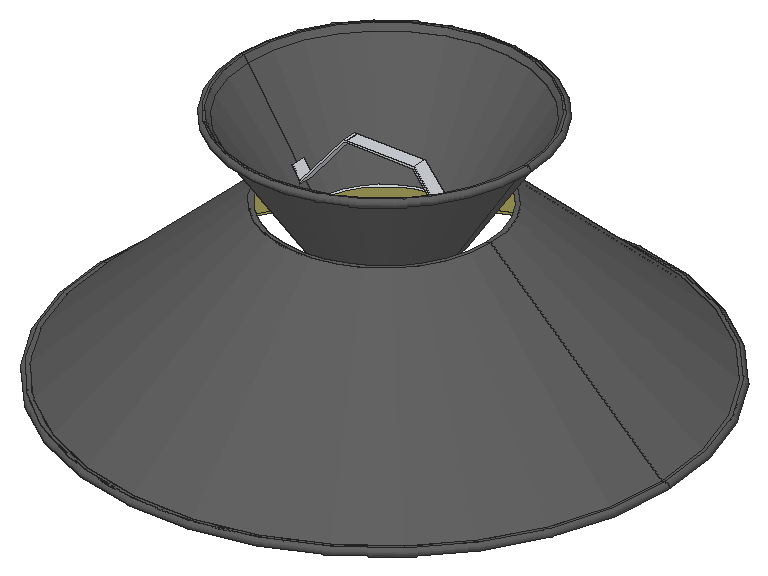
Revit family "UDC20 SHADE", category Lighting Fixtures, Revit 2024
Family settings
  Round Connector Dimension = Use Diameter
  Part Type = Normal
  OmniClass Number = 23.80.70.00
  OmniClass Title = Lighting
  Work Plane-Based = No
  Always vertical = Yes
  Cut with Voids When Loaded = No
  Light Source = Yes
  Maintain Annotation Orientation = No
  Shared = No
  Room Calculation Point = No
Parameters
  Wattage = 12.1178 W
  built-in parameter 1150110 = 1 (stored number, unit not read)
  built-in parameter 1114217 = 1 (stored number, unit not read)
  built-in parameter 1150109 = 1 (stored number, unit not read)
  built-in parameter 1150134 = (empty or 0)
  built-in parameter 1150113 = 1 (stored number, unit not read)
  Lumens = 1800 lm
  built-in parameter 1150115 = 1 (stored number, unit not read)
  built-in parameter 1150105 = 572.96 (stored number, unit not read)
  Light Source Symbol Size = 2' - 0"
  built-in parameter 1150137 = (empty or 0)
  built-in parameter 1150139 = (empty or 0)
  built-in parameter 1150112 = 1 (stored number, unit not read)
  built-in parameter 1150114 = 1 (stored number, unit not read)
  built-in parameter 1150132 = 2
  built-in parameter 1150102 = (empty or 0)
  built-in parameter 1150138 = (empty or 0)
  built-in parameter 1150107 = 3000 (stored number, unit not read)
  built-in parameter 1150106 = 5.7296 (stored number, unit not read)
  built-in parameter 1150104 = 13.8 (stored number, unit not read)
  Dimming Lamp Color Temperature Shift = (empty or 0)
  Default Elevation = 0' - 0"
  Color Filter = 16777215
  built-in parameter 1114218 = 1 (stored number, unit not read)
  built-in parameter 1150133 = 10 (stored number, unit not read)
Reference planes (in)
  plane 1 "Light Source Axis (F/B)": y = 0
  plane 2: z = 0
  plane 3 "Light Source Axis (L/R)": x = 0
  plane 4 "Light Source Elevation": z = 83.93595
Forms (in)
  Revolve 1, solid
    sketch origin (0, 0, 0) x (1, 0, 0) y (0, 0, 1)
      loop
        arc (-5, 92.5) -> (-5.125, 92.375) -> (-5, 92.25) r 0.125
        line (-5, 92.25) -> (-4.875, 92.25) -> (-2.5, 88.75) -> (-2.3867, 88.75) -> (-2.42242, 88.80264) -> (-4.79742, 92.30264) -> (-4.93135, 92.5) -> (-5, 92.5)
      loop
        line (-3.74685, 89.61675) -> (-9.75, 84.25) -> (-9.875, 84.25)
        arc (-9.875, 84.25) -> (-9.99994, 84.12119) -> (-9.86739, 84.00023) r 0.125
        line (-9.86739, 84.00023) -> (-9.68752, 84.18011) -> (-3.60618, 89.61675) -> (-3.74685, 89.61675)
      loop
        arc (-2.75, 86.35) -> (-1.80321, 84.6739) -> (0, 84) r 2.81103
        line (0, 84) -> (0, 84.09375)
        arc (0, 84.09375) -> (-1.73666, 84.74037) -> (-2.65492, 86.35) r 2.71728
        line (-2.65492, 86.35) -> (-2.75, 86.35)
      axis (0, 92.5) -> (0, 84)
    angle from 0 to 360
  Sweep 2, solid
    path origin (0, 0, 0) x (1, 0, 0) y (0, 0, 1)
      loop
        line (-3.08075, 89.78394) -> (-2.76018, 89.30867) -> (-1.20225, 91.1752) -> (0, 91.1752) -> (1.20225, 91.1752) -> (2.76018, 89.30867) -> (3.08075, 89.78394)
    profile origin (-2.92046, 0, 89.5463) x (0.829038, 0, 0.559193) y (0, -1, 0)
      loop
        line (0, 0) -> (0, -0.25) -> (0.0625, -0.25) -> (0.0625, 0.25) -> (0, 0.25) -> (0, 0)
Dimensions and locks (in)
  aligned and locked: plane 4 "Light Source Elevation" to imposter light
  aligned and locked: level to plane 2
